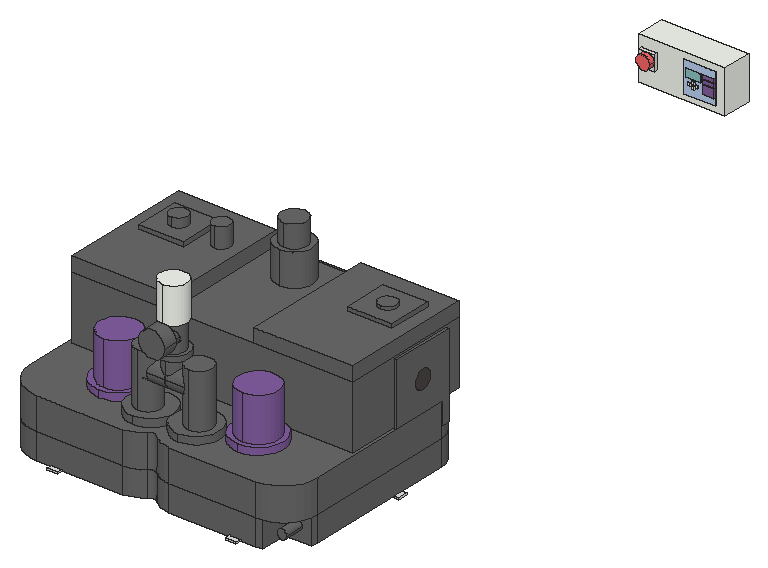
Revit family "11116", category Generic Models, Revit 2021
Family settings
  Can host rebar = No
  Round Connector Dimension = Use Diameter
  Part Type = Normal
  Work Plane-Based = No
  Always vertical = Yes
  Cut with Voids When Loaded = No
  Shared = Yes
  Room Calculation Point = No
Parameters (values of type "11116")
  SUPPLIER = "KESSEL"
  SA700ID49 = "Protection Class I"
  SA700ID48 = "no"
  SA700ID47 = "no"
  SA700ID46 = "yes"
  SA700ID37 = 16000 mm
  SA700ID34 = 47
  SA700ID33 = 3.2 W
  SA700ID32 = 122.50 kg
  SA700ID31 = 1
  SA700ID30 = 2
  SA700ID29 = "GLRD"
  SA700ID21 = 1600
  SA700ID10 = "yes"
  SA700ID08 = 400 V
  PROCUREWEBLINK = "https://p.caden.as/kessel/11116"
  PROCURELINK = "p.caden.as/kessel/11116"
  PROCUREDATALASTUPDATE = "2024-05-22T12:17:56.835255325+01:00"
  PREVIEW = "../../bilder/ksb_w_11116.png"
  PRC_SPECIFICATIONLINK = "https://ausschreiben.de/catalog/kessel/catalogItem/1fb07cb1-6211-4ead-bb83-64cffd5dcf3b"
  NN = "Lifting station Aqualift F XL"
  NBSYN = "$SA810ID03."
  NB = "11116"
  Model = "11116"
  Manufacturer = "KESSEL"
  MIdent = "{$CADENAS_DATA/23d-libs/kessel/kessel_vdi_import/4/entwaesserung/hebeanlage20aqualift20f20xl.prj},201 {STYP=ASS},{VTYP=3D},{NB=11116},{LINA=11116},{NN=Lifting station Aqualift F XL},{DATE=21.11.2022 10:48:11},{GEOMDATE=21.11.2022 10:48:11},{VERSION=},{LINEID=240},{WBVAR=LODLEVEL},{WBNUMERIC=LODLEVEL}  {NB=11116},{LINA=11116},{KT=DUMMY},{PREVIEW=../../bilder/ksb_w_11116.png},{SA700ID04=Hebeanlage Aqualift F XL 450 l, Duo, SPF 3000-S1, Schieber},{SA810ID06=04026092057834},{SA700ID34=47.00},{SA010ID03=201805},{SA810ID03=11116},{SA810ID10=Aqualift F XL 3000W-S1 Duo 450L m.S.KESSEL Aqualift F XL Hebeanlage für fäkalienhaltiges und fäkalienfreiesAbwasser. Zur Aufstellung in frostgeschützten Räumen.Duoanlage mit zwei Pumpen des Typs SPF 3000-S1 Sammelbehälter ausPolyethylen, mit verschraubter Reinigungsöffnung,Anschlussstutzen für Zulauf von oben DN100/150.Inklusive Tauchrohr zur pneumatischen Niveauerfassung,Entlüftungsanschluss DN 70 und Anschluss für eine Handmembranpumpe DN32.Behälter inklusive Haltewinkel zur Auftriebssicherung.Behältervolumen 450 Liter, max. Nutzvolumen bei Zulauf von oben ca. 250Liter.Zwei seitliche und drei rückseitige Anbohrflächen zur Montage weitererZuläufe bis DN 200 unter Verwendung von Durchgangsdichtungen.Inklusive KESSEL Schaltgerät Aqualift Comfort 400 V.Anwenderfreundliche Menüführung im mehrzeiligem Display. MitSelbstdiagnosesystem (SDS) und Erinnerungsfunktion für nächste Wartung.Anzeige der aktuellen Messwerte. Einfache Einstellung derfunktionsrelevanten Parameter, inklusive Betriebsstundenzähler undpotentialfreiem Kontakt. Optionale Weiterleitung von Alarm- undSammelstörmeldung über GSM Schnittstelle.Schaltgerät mit Volltextanzeige in sechs Sprachen.Abwasserpumpe(n) mit Freistromrad zur Förderung von fäkalienfreiem undfäkalienhaltigem Abwasser gemäß DIN EN 12050-1.Freier Kugeldurchgang mindestens 40 mm. Pumpe(n) überflutungssicher.Inklusive Rückflussverhinderer, mit Druckabgang aus Kunststoff DN 100.Inklusive Absperrschieber.Pumpe(n) Typ SPF 3000-S1Fördermenge: max. 47 m³/hFörderhöhe: max. 16 mNennleistung (P2): 2,7 KW je PumpeAufnahmeleistung (P1): 3,2 KW je PumpeBetriebsspannung: 400 V DSNennfrequenz: 50 HzNennstrom: 5,4 AAbsicherung: 3 x 16 A trägeSchutzart (Pumpe): IP68 3mWS/48hSchutzart (Schaltgerät): IP 65Bertiebsart: S1Kabellänge: 5 mAußenmaße Anlage mit 450 Liter Behälter (BxTxH): 1260 x 960 x 770 mmGewicht ca. 122,50 kg},{SA700ID37=16.00},{SA700ID33=3.20},{SA700ID08=400},{SA700ID30=2},{SA700ID32=122.50},{SA700ID49=Schutzklasse I},{SA700ID50=intern},{SA200ID03=6},{SA250ID03=vertikal},{SA260ID03=Trockenläuferpumpe},{SA350ID03=normalansaugend},{SA400ID03=E-Motor für Drehstrom},{SA460ID03=direkt},{SA500ID03=Kunststoff, Edelstahl},{SA700ID06=100},{SA700ID07=100},{SA700ID09=3/N/PE 400V},{SA700ID10=Ja},{SA700ID11=50},{SA700ID12=IP 68},{SA700ID13=F},{SA700ID15=40},{SA700ID21=1600.00},{SA700ID22=2.70},{SA700ID23=2845},{SA700ID24=2845},{SA700ID26=5.40},{SA700ID27=41.00},{SA700ID28=durchgehend},{SA700ID29=GLRD},{SA700ID31=1},{SA700ID46=ja},{SA700ID47=nein},{SA700ID48=nein},{SA110ID04=Hebeanlage Aqualift F XL},{SA300ID03=einstufig},{SA700ID44=10.00},{SA700ID45=10.00},{SA010ID04=KESSEL AG},{LODLEVEL=200},{LINK=https://www.kessel.de/info?han=11116},{SA970ID01=970},{SA970ID02=7207},{SA970ID03=11116},{SA970ID04=11002617},{SA970ID05=QUAD},{SA970ID06=-655.51},{SA970ID07=-836},{SA970ID08=0},{SA970ID09=1},{SA970ID10=0},{SA970ID11=0},{SA970ID12=0},{SA970ID13=1},{SA970ID14=0},{SA970ID15=1311.02},{SA970ID16=985.99},{SA970ID17=818.99},{LODLEVEL_=200,'Low'},{LODLEVEL_DEU=200,'Low'},{LINK_=https://www.kessel.de/info?han=11116},{LINK_DEU=https://www.kessel.de/info?han=11116},{LODLEVEL_3DB=11116_200},{DNIN1=100},{DNIN2=70},{DNIN4=10},{DNIN5=10},{DNIN6=50},{DNIN7=50},{DNIN8=50},{DNIN9=50},{DNOUT1=32},{DNOUT2=100},{DNOUT3=70},{ISD1=96},{ISD2=10},{ISDOUT1=40},{ISDOUT2=85},{ISDOUT3=70},{SA010ID01=010},{SA010ID02=4},{SA010ID06=www.kessel.de},{SA010ID07=www.kessel.de},{SA010ID12=20180713},{SA010ID13=DEU},{SA010ID14=DE},{SA100ID01=100},{SA100ID02=4},{SA100ID04=Entwässerung},{SA110ID01=110},{SA110ID02=6},{SA200ID01=200},{SA200ID02=6},{SA250ID01=250},{SA250ID02=2},{SA260ID01=260},{SA260ID02=2},{SA300ID01=300},{SA300ID02=1},{SA350ID01=350},{SA350ID02=1},{SA400ID01=400},{SA400ID02=2},{SA460ID01=460},{SA460ID02=1},{SA500ID01=500},{SA500ID02=1},{SA700ID01=700},{SA700ID02=81},{SA700ID10_=1},{SA700ID16=0},{SA700ID25=0},{SA700ID46_=1},{SA700ID47_=0},{SA700ID48_=0},{SA700ID49_=1},{SA700ID50_=2},{SA800ID01=800},{SA800ID02=45},{SA810ID01=810},{SA810ID02=81},{SA810ID04=11116},{SA810ID07=81},{SA810ID09=1},{SA810ID14=PCE},{SA810ID15=1},{SA810ID16=NMP},{SA960ID03=81},{SA960ID04=3L},{SA960ID08=https://www.kessel.de/info?han=11116},{SA010ID08=4026092000007},{SA100ID05=Hebeanlage},{SA110ID06=Hebeanlage}"
  LINK = "https://www.kessel.de/info?han=11116"
  LINA = "11116"
  Default Elevation = 0 mm
  CREATOR = "CADENAS GmbH"
  CATALOG = "KESSEL"
  BOMINFO = "LINA"
  ARTICLENO = "NB"
  4.810.00.9 Order quantity (multiplicator) = "1"
  4.810.00.7 Media- connection number = "81"
  4.810.00.6 GTIN number = "04026092057834"
  4.810.00.4 DATANORM number = "11116"
  4.810.00.3 Producer order number = "11116"
  4.710.03.7 Mass (net) = 122.50 kg
  4.710.03.6 Height = 806 mm
  4.710.03.5 Width = 1000 mm
  4.710.03.4 Length = 1260 mm
  4.710.03.3 Type of dimensions = "2"
  4.710.02.8 Area of application of wastewater pump = "1"
  4.710.02.7 Art des S2/S3-Betriebs = "50 %"
  4.710.02.6 Duty type = "S3"
  4.710.02.5 Cutting device = "0"
  4.710.02.4 Attached pump control = "1"
  4.710.02.3 Free passage = 40 mm
  4.710.01.6 Option to connect to building automation = "40"
  4.710.01.5 Load regulation = "0"
  4.710.01.4 Designation of closed-loop control = "250"
  4.710.01.3 Identifier for closed-loop control = "450"
  4.700.00.9 Voltage = 0
  4.700.00.8 Nominal connection size on suction side = "100"
  4.700.00.7 Nominal connection size on pressure side = "100"
  4.700.00.6 Type of connection = "100"
  4.700.00.4 Product indentification = "Hebeanlage Aqualift F XL 450 l, Duo, SPF 3000-S1, Schieber"
  4.700.00.28 Motor pump shaft = "durchgehend"
  4.700.00.27 Starting current = 41
  4.700.00.26 Maximum power consumption per pump / drive = 5.4
  4.700.00.25 Minimum speed at internal speed adjustment = 0
  4.700.00.24 Nominal speed / maximum speed n = 47.4167
  4.700.00.23 Nominal speed of motor = 47.4167
  4.700.00.22 Maximum shaft output (P2) per pump/drive = 2.7 W
  4.700.00.16 Maximum temperature of pumped medium = 0 °C
  4.700.00.15 Increased safety class = "40 °C"
  4.700.00.13 Type of protection = "F"
  4.700.00.12 Frequency = 0
  4.700.00.11 Stern-/Dreieck-Anlaufschaltung bei Dreiphasenanschluss oder Drehstrom = "50 Hz"
  4.700.00.10 Phase = "1"
  4.500.00.3 Variant / Variant type / Accessories-name = "Kunststoff, Edelstahl"
  4.460.00.3 Variant / Variant type / Accessories-name = "direkt"
  4.400.00.3 Variant / Variant type / Accessories-name = "E-Motor für Drehstrom"
  4.350.00.3 Variant / Variant type / Accessories-name = "normalansaugend"
  4.300.00.3 Variant / Variant type / Accessories-name = "einstufig"
  4.260.00.3 Variant / Variant type / Accessories-name = "Trockenläuferpumpe"
  4.250.00.3 Variant / Variant type / Accessories-name = "vertikal"
  4.200.00.3 Variant / Variant type / Accessories-name = "6"
  4.110.00.6 Product classification = "Hebeanlage"
  4.110.00.4 Product indentification = "Hebeanlage Aqualift F XL"
  4.100.00.5 Main groups of wares = "Hebeanlage"
  4.100.00.4 Product indentification = "Entwässerung"
  4.010.00.8 Producer ID number = "4026092000007"
  4.010.00.7 Comment = "www.kessel.de"
  4.010.00.6 Web address of the manufacturer = "www.kessel.de"
  4.010.00.4 Manufacturer name = "KESSEL AG"
  4.010.00.3 Date of issuance (month) of guideline = "201805"
  4.010.00.2 Sheet number of the guideline = "4"
  4.010.00.14 Kennungen der Projektländer, für die die Datei gültig ist = "DE"
  4.010.00.13 Sprache der Datei = "DEU"
  4.010.00.12 Stand des Herstellerkatalogs = "20180713"
Reference planes
  plane 1 "Center (Front/Back)": y = 0
  plane 2: z = 0
  plane 3 "Center (Left/Right)": x = 0
Dimensions and locks
  aligned and locked: level to plane 2
Nested families
  nested 1: "11116_content" at (0, 0, 0), type "11116_Content"
  nested 2: "11116_part1_X0Y0" at (1000, 1000, 1200), type "11116_PART1_X0Y0"
  nested 3: "11116_part2_X0Y0" at (0, 0, 0), type "11116_PART2_X0Y0"
Connectors
  electrical at (861, 933, 1201.5)
    settings: on nested 2, index 1, voltage 0 V, apparent load 0 VA, apparent load phase1 0 VA, apparent load phase2 0 VA, apparent load phase3 0 VA, power factor 1, load classification "Other", number of poles 1, system type 31, power factor state 1, is connector primary yes, connector utility no, sub classification motor no, connector description ""
  piping at (0, 0, 771), diameter 100
    settings: on nested 3, index 2, connector inside diameter 609.6 mm, connector length 0 mm, flow factor 0, pipe flow 0.0 L/s, pressure drop 0.0 Pa, fitting loss kfactor 0, connector angle 0.00°, fixture units 0, engagement length 0 mm, angle of deflection 0.00°, flow configuration 0, flow direction 1, fitting loss method 2, system type 8, joint type 0, gender type 0, connector reference index -1, connector utility 0, adjustable connector no, is connector primary yes, connector description ""
  piping at (631, -85, 392), diameter 70
    settings: on nested 3, index 3, connector inside diameter 609.6 mm, connector length 0 mm, flow factor 0, pipe flow 0.0 L/s, pressure drop 0.0 Pa, fitting loss kfactor 0, connector angle 0.00°, fixture units 0, engagement length 0 mm, angle of deflection 0.00°, flow configuration 0, flow direction 0, fitting loss method 2, system type 8, joint type 0, gender type 0, connector reference index -1, connector utility 0, adjustable connector no, is connector primary no, connector description ""
  piping at (358.7, 150.5, 392), diameter 70
    settings: on nested 3, index 4, connector inside diameter 609.6 mm, connector length 0 mm, flow factor 0, pipe flow 0.0 L/s, pressure drop 0.0 Pa, fitting loss kfactor 0, connector angle 0.00°, fixture units 0, engagement length 0 mm, angle of deflection 0.00°, flow configuration 0, flow direction 0, fitting loss method 2, system type 8, joint type 0, gender type 0, connector reference index -1, connector utility 0, adjustable connector no, is connector primary no, connector description ""
  piping at (0, 150.5, 392), diameter 70
    settings: on nested 3, index 5, connector inside diameter 609.6 mm, connector length 0 mm, flow factor 0, pipe flow 0.0 L/s, pressure drop 0.0 Pa, fitting loss kfactor 0, connector angle 0.00°, fixture units 0, engagement length 0 mm, angle of deflection 0.00°, flow configuration 0, flow direction 0, fitting loss method 2, system type 8, joint type 0, gender type 0, connector reference index -1, connector utility 0, adjustable connector no, is connector primary no, connector description ""
  piping at (-357.7, 150.5, 392), diameter 70
    settings: on nested 3, index 6, connector inside diameter 609.6 mm, connector length 0 mm, flow factor 0, pipe flow 0.0 L/s, pressure drop 0.0 Pa, fitting loss kfactor 0, connector angle 0.00°, fixture units 0, engagement length 0 mm, angle of deflection 0.00°, flow configuration 0, flow direction 0, fitting loss method 2, system type 8, joint type 0, gender type 0, connector reference index -1, connector utility 0, adjustable connector no, is connector primary no, connector description ""
  piping at (-630.5, -85, 392), diameter 70
    settings: on nested 3, index 7, connector inside diameter 609.6 mm, connector length 0 mm, flow factor 0, pipe flow 0.0 L/s, pressure drop 0.0 Pa, fitting loss kfactor 0, connector angle 0.00°, fixture units 0, engagement length 0 mm, angle of deflection 0.00°, flow configuration 0, flow direction 0, fitting loss method 2, system type 8, joint type 0, gender type 0, connector reference index -1, connector utility 0, adjustable connector no, is connector primary no, connector description ""
  piping at (-0.5, -778, 611), diameter 100
    settings: on nested 3, index 8, connector inside diameter 609.6 mm, connector length 0 mm, flow factor 0, pipe flow 0.0 L/s, pressure drop 0.0 Pa, fitting loss kfactor 0, connector angle 0.00°, fixture units 0, engagement length 0 mm, angle of deflection 0.00°, flow configuration 0, flow direction 2, fitting loss method 2, system type 7, joint type 0, gender type 0, connector reference index -1, connector utility 0, adjustable connector no, is connector primary no, connector description ""
  piping at (-270, -60, 681), diameter 70
    settings: on nested 3, index 9, connector inside diameter 609.6 mm, connector length 0 mm, flow factor 0, pipe flow 0.0 L/s, pressure drop 0.0 Pa, fitting loss kfactor 0, connector angle 0.00°, fixture units 0, engagement length 0 mm, angle of deflection 0.00°, flow configuration 0, flow direction 2, fitting loss method 2, system type 7, joint type 0, gender type 0, connector reference index -1, connector utility 0, adjustable connector no, is connector primary no, connector description ""
  piping at (565, -772.67, 61), diameter 32
    settings: on nested 3, index 10, connector inside diameter 609.6 mm, connector length 0 mm, flow factor 0, pipe flow 0.0 L/s, pressure drop 0.0 Pa, fitting loss kfactor 0, connector angle 0.00°, fixture units 0, engagement length 0 mm, angle of deflection 0.00°, flow configuration 0, flow direction 2, fitting loss method 2, system type 7, joint type 0, gender type 0, connector reference index -1, connector utility 0, adjustable connector no, is connector primary no, connector description ""
  electrical at (304.25, -577, 477)
    settings: on nested 3, index 11, voltage 0 V, apparent load 0 VA, apparent load phase1 0 VA, apparent load phase2 0 VA, apparent load phase3 0 VA, power factor 1, load classification "Other", number of poles 1, system type 31, power factor state 1, is connector primary no, connector utility no, sub classification motor no, connector description ""
  electrical at (-304.25, -577, 477)
    settings: on nested 3, index 12, voltage 0 V, apparent load 0 VA, apparent load phase1 0 VA, apparent load phase2 0 VA, apparent load phase3 0 VA, power factor 1, load classification "Other", number of poles 1, system type 31, power factor state 1, is connector primary no, connector utility no, sub classification motor no, connector description ""
  electrical at (-457.5, -59.5, 650)
    settings: on nested 3, index 13, voltage 0 V, apparent load 0 VA, apparent load phase1 0 VA, apparent load phase2 0 VA, apparent load phase3 0 VA, power factor 1, load classification "Other", number of poles 1, system type 31, power factor state 1, is connector primary no, connector utility no, sub classification motor no, connector description ""
Definition of nested family "11116_part1_X0Y0"
  Parameters (values of type "11116_PART1_X0Y0")
    SUPPLIER = "KESSEL"
    SA700ID49 = "Protection Class I"
    SA700ID48 = "no"
    SA700ID47 = "no"
    SA700ID46 = "yes"
    SA700ID37 = 16000 mm
    SA700ID34 = 47
    SA700ID33 = 3.2 W
    SA700ID32 = 122.50 kg
    SA700ID31 = 1
    SA700ID30 = 2
    SA700ID29 = "GLRD"
    SA700ID21 = 1600
    SA700ID10 = "yes"
    SA700ID08 = 400 V
    PREVIEW = "../../bilder/ksb_w_11116.png"
    NBSYN = "$SA810ID03._PART1"
    NB = "11116_PART1"
    Model = "11116_PART1"
    Manufacturer = "KESSEL"
    MIdent = "{$CADENAS_DATA/23d-libs/kessel/kessel_vdi_import/4/entwaesserung/hebeanlage20aqualift20f20xl.prj},221 {VTYP=3D},{NB=11116_PART1},{LINA=11116_PART1},{NN=Lifting station Aqualift F XL_PART1},{NOPRJ=TRUE},{DATE=21.11.2022 10:48:11},{GEOMDATE=21.11.2022 10:48:11},{VERSION=},{LINEID=240},{WBVAR=LODLEVEL},{WBNUMERIC=LODLEVEL}  {NB=11116_PART1},{LINA=11116_PART1},{KT=DUMMY},{PREVIEW=../../bilder/ksb_w_11116.png},{SA700ID04=Hebeanlage Aqualift F XL 450 l, Duo, SPF 3000-S1, Schieber},{SA810ID06=04026092057834},{SA700ID34=47.00},{SA010ID03=201805},{SA810ID03=11116},{SA810ID10=Aqualift F XL 3000W-S1 Duo 450L m.S.KESSEL Aqualift F XL Hebeanlage für fäkalienhaltiges und fäkalienfreiesAbwasser. Zur Aufstellung in frostgeschützten Räumen.Duoanlage mit zwei Pumpen des Typs SPF 3000-S1 Sammelbehälter ausPolyethylen, mit verschraubter Reinigungsöffnung,Anschlussstutzen für Zulauf von oben DN100/150.Inklusive Tauchrohr zur pneumatischen Niveauerfassung,Entlüftungsanschluss DN 70 und Anschluss für eine Handmembranpumpe DN32.Behälter inklusive Haltewinkel zur Auftriebssicherung.Behältervolumen 450 Liter, max. Nutzvolumen bei Zulauf von oben ca. 250Liter.Zwei seitliche und drei rückseitige Anbohrflächen zur Montage weitererZuläufe bis DN 200 unter Verwendung von Durchgangsdichtungen.Inklusive KESSEL Schaltgerät Aqualift Comfort 400 V.Anwenderfreundliche Menüführung im mehrzeiligem Display. MitSelbstdiagnosesystem (SDS) und Erinnerungsfunktion für nächste Wartung.Anzeige der aktuellen Messwerte. Einfache Einstellung derfunktionsrelevanten Parameter, inklusive Betriebsstundenzähler undpotentialfreiem Kontakt. Optionale Weiterleitung von Alarm- undSammelstörmeldung über GSM Schnittstelle.Schaltgerät mit Volltextanzeige in sechs Sprachen.Abwasserpumpe(n) mit Freistromrad zur Förderung von fäkalienfreiem undfäkalienhaltigem Abwasser gemäß DIN EN 12050-1.Freier Kugeldurchgang mindestens 40 mm. Pumpe(n) überflutungssicher.Inklusive Rückflussverhinderer, mit Druckabgang aus Kunststoff DN 100.Inklusive Absperrschieber.Pumpe(n) Typ SPF 3000-S1Fördermenge: max. 47 m³/hFörderhöhe: max. 16 mNennleistung (P2): 2,7 KW je PumpeAufnahmeleistung (P1): 3,2 KW je PumpeBetriebsspannung: 400 V DSNennfrequenz: 50 HzNennstrom: 5,4 AAbsicherung: 3 x 16 A trägeSchutzart (Pumpe): IP68 3mWS/48hSchutzart (Schaltgerät): IP 65Bertiebsart: S1Kabellänge: 5 mAußenmaße Anlage mit 450 Liter Behälter (BxTxH): 1260 x 960 x 770 mmGewicht ca. 122,50 kg},{SA700ID37=16.00},{SA700ID33=3.20},{SA700ID08=400},{SA700ID30=2},{SA700ID32=122.50},{SA700ID49=Schutzklasse I},{SA700ID50=intern},{SA200ID03=6},{SA250ID03=vertikal},{SA260ID03=Trockenläuferpumpe},{SA350ID03=normalansaugend},{SA400ID03=E-Motor für Drehstrom},{SA460ID03=direkt},{SA500ID03=Kunststoff, Edelstahl},{SA700ID06=100},{SA700ID07=100},{SA700ID09=3/N/PE 400V},{SA700ID10=Ja},{SA700ID11=50},{SA700ID12=IP 68},{SA700ID13=F},{SA700ID15=40},{SA700ID21=1600.00},{SA700ID22=2.70},{SA700ID23=2845},{SA700ID24=2845},{SA700ID26=5.40},{SA700ID27=41.00},{SA700ID28=durchgehend},{SA700ID29=GLRD},{SA700ID31=1},{SA700ID46=ja},{SA700ID47=nein},{SA700ID48=nein},{SA110ID04=Hebeanlage Aqualift F XL},{SA300ID03=einstufig},{SA700ID44=10.00},{SA700ID45=10.00},{SA010ID04=KESSEL AG},{LODLEVEL=200},{LINK=https://www.kessel.de/info?han=11116},{SA970ID01=970},{SA970ID02=7207},{SA970ID03=11116},{SA970ID04=11002617},{SA970ID05=QUAD},{SA970ID06=-655.51},{SA970ID07=-836},{SA970ID08=0},{SA970ID09=1},{SA970ID10=0},{SA970ID11=0},{SA970ID12=0},{SA970ID13=1},{SA970ID14=0},{SA970ID15=1311.02},{SA970ID16=985.99},{SA970ID17=818.99},{LODLEVEL_=200,'Low'},{LODLEVEL_DEU=200,'Low'},{LINK_=https://www.kessel.de/info?han=11116},{LINK_DEU=https://www.kessel.de/info?han=11116},{LODLEVEL_3DB=11116_200},{DNIN1=100},{DNIN2=70},{DNIN4=10},{DNIN5=10},{DNIN6=50},{DNIN7=50},{DNIN8=50},{DNIN9=50},{DNOUT1=32},{DNOUT2=100},{DNOUT3=70},{ISD1=96},{ISD2=10},{ISDOUT1=40},{ISDOUT2=85},{ISDOUT3=70},{SA010ID01=010},{SA010ID02=4},{SA010ID06=www.kessel.de},{SA010ID07=www.kessel.de},{SA010ID12=20180713},{SA010ID13=DEU},{SA010ID14=DE},{SA100ID01=100},{SA100ID02=4},{SA100ID04=Entwässerung},{SA110ID01=110},{SA110ID02=6},{SA200ID01=200},{SA200ID02=6},{SA250ID01=250},{SA250ID02=2},{SA260ID01=260},{SA260ID02=2},{SA300ID01=300},{SA300ID02=1},{SA350ID01=350},{SA350ID02=1},{SA400ID01=400},{SA400ID02=2},{SA460ID01=460},{SA460ID02=1},{SA500ID01=500},{SA500ID02=1},{SA700ID01=700},{SA700ID02=81},{SA700ID10_=1},{SA700ID16=0},{SA700ID25=0},{SA700ID46_=1},{SA700ID47_=0},{SA700ID48_=0},{SA700ID49_=1},{SA700ID50_=2},{SA800ID01=800},{SA800ID02=45},{SA810ID01=810},{SA810ID02=81},{SA810ID04=11116},{SA810ID07=81},{SA810ID09=1},{SA810ID14=PCE},{SA810ID15=1},{SA810ID16=NMP},{SA960ID03=81},{SA960ID04=3L},{SA960ID08=https://www.kessel.de/info?han=11116},{SA010ID08=4026092000007},{SA100ID05=Hebeanlage},{SA110ID06=Hebeanlage}"
    LINK = "https://www.kessel.de/info?han=11116"
    LINA = "11116_PART1"
    Default Elevation = 1219.2 mm
    CREATOR = "CADENAS GmbH"
    CATALOG = "KESSEL"
    BOMINFO = "LINA"
    ARTICLENO = "NB"
    4.810.00.9 Order quantity (multiplicator) = "1"
    4.810.00.7 Media- connection number = "81"
    4.810.00.6 GTIN number = "04026092057834"
    4.810.00.4 DATANORM number = "11116"
    4.810.00.3 Producer order number = "11116"
    4.710.03.7 Mass (net) = 122.50 kg
    4.710.03.6 Height = 806 mm
    4.710.03.5 Width = 1000 mm
    4.710.03.4 Length = 1260 mm
    4.710.03.3 Type of dimensions = "2"
    4.710.02.8 Area of application of wastewater pump = "1"
    4.710.02.7 Art des S2/S3-Betriebs = "50 %"
    4.710.02.6 Duty type = "S3"
    4.710.02.5 Cutting device = "0"
    4.710.02.4 Attached pump control = "1"
    4.710.02.3 Free passage = 40 mm
    4.710.01.6 Option to connect to building automation = "40"
    4.710.01.5 Load regulation = "0"
    4.710.01.4 Designation of closed-loop control = "250"
    4.710.01.3 Identifier for closed-loop control = "450"
    4.700.00.9 Voltage = 0
    4.700.00.8 Nominal connection size on suction side = "100"
    4.700.00.7 Nominal connection size on pressure side = "100"
    4.700.00.6 Type of connection = "100"
    4.700.00.4 Product indentification = "Hebeanlage Aqualift F XL 450 l, Duo, SPF 3000-S1, Schieber"
    4.700.00.28 Motor pump shaft = "durchgehend"
    4.700.00.27 Starting current = 41
    4.700.00.26 Maximum power consumption per pump / drive = 5.4
    4.700.00.25 Minimum speed at internal speed adjustment = 0
    4.700.00.24 Nominal speed / maximum speed n = 47.4167
    4.700.00.23 Nominal speed of motor = 47.4167
    4.700.00.22 Maximum shaft output (P2) per pump/drive = 2.7 W
    4.700.00.16 Maximum temperature of pumped medium = 0 °C
    4.700.00.15 Increased safety class = "40 °C"
    4.700.00.13 Type of protection = "F"
    4.700.00.12 Frequency = 0
    4.700.00.11 Stern-/Dreieck-Anlaufschaltung bei Dreiphasenanschluss oder Drehstrom = "50 Hz"
    4.700.00.10 Phase = "1"
    4.500.00.3 Variant / Variant type / Accessories-name = "Kunststoff, Edelstahl"
    4.460.00.3 Variant / Variant type / Accessories-name = "direkt"
    4.400.00.3 Variant / Variant type / Accessories-name = "E-Motor für Drehstrom"
    4.350.00.3 Variant / Variant type / Accessories-name = "normalansaugend"
    4.300.00.3 Variant / Variant type / Accessories-name = "einstufig"
    4.260.00.3 Variant / Variant type / Accessories-name = "Trockenläuferpumpe"
    4.250.00.3 Variant / Variant type / Accessories-name = "vertikal"
    4.200.00.3 Variant / Variant type / Accessories-name = "6"
    4.110.00.6 Product classification = "Hebeanlage"
    4.110.00.4 Product indentification = "Hebeanlage Aqualift F XL"
    4.100.00.5 Main groups of wares = "Hebeanlage"
    4.100.00.4 Product indentification = "Entwässerung"
    4.010.00.8 Producer ID number = "4026092000007"
    4.010.00.7 Comment = "www.kessel.de"
    4.010.00.6 Web address of the manufacturer = "www.kessel.de"
    4.010.00.4 Manufacturer name = "KESSEL AG"
    4.010.00.3 Date of issuance (month) of guideline = "201805"
    4.010.00.2 Sheet number of the guideline = "4"
    4.010.00.14 Kennungen der Projektländer, für die die Datei gültig ist = "DE"
    4.010.00.13 Sprache der Datei = "DEU"
    4.010.00.12 Stand des Herstellerkatalogs = "20180713"
  Reference planes
    plane 1 "Center (Front/Back)": y = 0
    plane 2: z = 0
    plane 3 "Center (Left/Right)": x = 0
  Dimensions and locks
    aligned and locked: level to plane 2
  Nested families
    nested 1: "11116_part1_content" at (0, 0, 0), type "11116_PART1_Content"
  Definition of nested family "11116_part1_content"
    Parameters (values of type "11116_PART1_Content")
      SUPPLIER = "KESSEL"
      SA700ID49 = "Protection Class I"
      SA700ID48 = "no"
      SA700ID47 = "no"
      SA700ID46 = "yes"
      SA700ID37 = 16000 mm
      SA700ID34 = 47
      SA700ID33 = 3.2 W
      SA700ID32 = 122.50 kg
      SA700ID31 = 1
      SA700ID30 = 2
      SA700ID29 = "GLRD"
      SA700ID21 = 1600
      SA700ID10 = "yes"
      SA700ID08 = 400 V
      PREVIEW = "../../bilder/ksb_w_11116.png"
      NBSYN = "$SA810ID03._PART1"
      NB = "11116_PART1"
      Model = "11116_PART1"
      Manufacturer = "KESSEL"
      LINK = "https://www.kessel.de/info?han=11116"
      LINA = "11116_PART1"
      Default Elevation = 1219.2 mm
      CREATOR = "CADENAS GmbH"
      CATALOG = "KESSEL"
      BOMINFO = "LINA"
      ARTICLENO = "NB"
      4.810.00.9 Order quantity (multiplicator) = "1"
      4.810.00.7 Media- connection number = "81"
      4.810.00.6 GTIN number = "04026092057834"
      4.810.00.4 DATANORM number = "11116"
      4.810.00.3 Producer order number = "11116"
      4.710.03.7 Mass (net) = 122.50 kg
      4.710.03.6 Height = 806 mm
      4.710.03.5 Width = 1000 mm
      4.710.03.4 Length = 1260 mm
      4.710.03.3 Type of dimensions = "2"
      4.710.02.8 Area of application of wastewater pump = "1"
      4.710.02.7 Art des S2/S3-Betriebs = "50 %"
      4.710.02.6 Duty type = "S3"
      4.710.02.5 Cutting device = "0"
      4.710.02.4 Attached pump control = "1"
      4.710.02.3 Free passage = 40 mm
      4.710.01.6 Option to connect to building automation = "40"
      4.710.01.5 Load regulation = "0"
      4.710.01.4 Designation of closed-loop control = "250"
      4.710.01.3 Identifier for closed-loop control = "450"
      4.700.00.9 Voltage = 0
      4.700.00.8 Nominal connection size on suction side = "100"
      4.700.00.7 Nominal connection size on pressure side = "100"
      4.700.00.6 Type of connection = "100"
      4.700.00.4 Product indentification = "Hebeanlage Aqualift F XL 450 l, Duo, SPF 3000-S1, Schieber"
      4.700.00.28 Motor pump shaft = "durchgehend"
      4.700.00.27 Starting current = 41
      4.700.00.26 Maximum power consumption per pump / drive = 5.4
      4.700.00.25 Minimum speed at internal speed adjustment = 0
      4.700.00.24 Nominal speed / maximum speed n = 47.4167
      4.700.00.23 Nominal speed of motor = 47.4167
      4.700.00.22 Maximum shaft output (P2) per pump/drive = 2.7 W
      4.700.00.16 Maximum temperature of pumped medium = 0 °C
      4.700.00.15 Increased safety class = "40 °C"
      4.700.00.13 Type of protection = "F"
      4.700.00.12 Frequency = 0
      4.700.00.11 Stern-/Dreieck-Anlaufschaltung bei Dreiphasenanschluss oder Drehstrom = "50 Hz"
      4.700.00.10 Phase = "1"
      4.500.00.3 Variant / Variant type / Accessories-name = "Kunststoff, Edelstahl"
      4.460.00.3 Variant / Variant type / Accessories-name = "direkt"
      4.400.00.3 Variant / Variant type / Accessories-name = "E-Motor für Drehstrom"
      4.350.00.3 Variant / Variant type / Accessories-name = "normalansaugend"
      4.300.00.3 Variant / Variant type / Accessories-name = "einstufig"
      4.260.00.3 Variant / Variant type / Accessories-name = "Trockenläuferpumpe"
      4.250.00.3 Variant / Variant type / Accessories-name = "vertikal"
      4.200.00.3 Variant / Variant type / Accessories-name = "6"
      4.110.00.6 Product classification = "Hebeanlage"
      4.110.00.4 Product indentification = "Hebeanlage Aqualift F XL"
      4.100.00.5 Main groups of wares = "Hebeanlage"
      4.100.00.4 Product indentification = "Entwässerung"
      4.010.00.8 Producer ID number = "4026092000007"
      4.010.00.7 Comment = "www.kessel.de"
      4.010.00.6 Web address of the manufacturer = "www.kessel.de"
      4.010.00.4 Manufacturer name = "KESSEL AG"
      4.010.00.3 Date of issuance (month) of guideline = "201805"
      4.010.00.2 Sheet number of the guideline = "4"
      4.010.00.14 Kennungen der Projektländer, für die die Datei gültig ist = "DE"
      4.010.00.13 Sprache der Datei = "DEU"
      4.010.00.12 Stand des Herstellerkatalogs = "20180713"
    Reference planes
      plane 1 "Center (Front/Back)": y = 0
      plane 2: z = 0
      plane 3 "Center (Left/Right)": x = 0
    Forms (mm)
      Extrusion 1, solid, detail levels medium+fine
        sketch origin (189.25, -1.75, 0.2) x (0, -1, 0) y (0, 0, 1)
          loop
            line (0, 187.8) -> (0, 0) -> (127.75, 0) -> (127.75, 187.8) -> (0, 187.8)
        from 0 to 378.5
      Extrusion 2, solid, detail levels medium+fine
        sketch origin (-4, -67, 0) x (0, 1, 0) y (-1, 0, 0)
          loop
            circle (0, 0) r 12.5
        from 0 to 1.5
      Extrusion 3, solid, detail levels medium+fine
        sketch origin (150.8, -129.5, 26.5) x (0, -1, 0) y (0, 0, 1)
          loop
            line (-1.2, 134.8) -> (-1.2, 0) -> (0.25, 0) -> (0.25, 134.8) -> (-1.2, 134.8)
        from 0 to 139.9
      Extrusion 4, solid, detail levels medium+fine
        sketch origin (72.55, -129.75, 66) x (0, -1, 0) y (0, 0, 1)
          loop
            line (-1, 12) -> (-1, 0) -> (0.5, 0) -> (0.5, 12) -> (-1, 12)
        from 0 to 12
      Extrusion 5, solid, detail levels medium+fine
        sketch origin (84.45, -129.75, 93.4) x (0, -1, 0) y (0, 0, 1)
          loop
            line (-1, 37) -> (-1, 0) -> (0.5, 0) -> (0.5, 37) -> (-1, 37)
        from 0 to 66
      Extrusion 6, solid, detail levels medium+fine
        sketch origin (55.3, -129.75, 74) x (0, -1, 0) y (0, 0, 1)
          loop
            line (-1, 12) -> (-1, 0) -> (0.5, 0) -> (0.5, 12) -> (-1, 12)
        from 0 to 12
      Extrusion 7, solid, detail levels medium+fine
        sketch origin (143.3, -129.75, 94.4) x (0, -1, 0) y (0, 0, 1)
          loop
            line (0, 16) -> (0, 0) -> (1.75, 0) -> (1.75, 16) -> (0, 16)
        from 0 to 51
      Extrusion 8, solid, detail levels medium+fine
        sketch origin (143.3, -129.75, 54.4) x (0, -1, 0) y (0, 0, 1)
          loop
            line (0, 36) -> (0, 0) -> (1.75, 0) -> (1.75, 36) -> (0, 36)
        from 0 to 51
      Extrusion 9, solid, detail levels medium+fine
        sketch origin (55.3, -129.75, 57.5) x (0, -1, 0) y (0, 0, 1)
          loop
            line (-1, 12) -> (-1, 0) -> (0.5, 0) -> (0.5, 12) -> (-1, 12)
        from 0 to 12
      Extrusion 10, solid, detail levels medium+fine
        sketch origin (143.3, -129.75, 114.4) x (0, -1, 0) y (0, 0, 1)
          loop
            line (0, 16) -> (0, 0) -> (1.75, 0) -> (1.75, 16) -> (0, 16)
        from 0 to 51
      Extrusion 11, solid, detail levels medium+fine
        sketch origin (38.05, -129.75, 66) x (0, -1, 0) y (0, 0, 1)
          loop
            line (-1, 12) -> (-1, 0) -> (0.5, 0) -> (0.5, 12) -> (-1, 12)
        from 0 to 12
      Extrusion 12, solid, detail levels medium+fine
        sketch origin (47, -72, 0) x (0, 1, 0) y (-1, 0, 0)
          loop
            circle (0, 0) r 8
        from 0 to 1.5
      Extrusion 13, solid, detail levels medium+fine
        sketch origin (47, -42, 0) x (0, 1, 0) y (-1, 0, 0)
          loop
            circle (0, 0) r 5.25
        from 0 to 1.5
      Extrusion 14, solid, detail levels medium+fine
        sketch origin (77, -72, 0) x (0, 1, 0) y (-1, 0, 0)
          loop
            circle (0, 0) r 8
        from 0 to 1.5
      Extrusion 15, solid, detail levels medium+fine
        sketch origin (-94, -67, 0) x (0, 1, 0) y (-1, 0, 0)
          loop
            circle (0, 0) r 12.5
        from 0 to 1.5
      Extrusion 16, solid, detail levels medium+fine
        sketch origin (92, -42, 0) x (0, 1, 0) y (-1, 0, 0)
          loop
            circle (0, 0) r 8
        from 0 to 1.5
      Extrusion 17, solid, detail levels medium+fine
        sketch origin (107, -72, 0) x (0, 1, 0) y (-1, 0, 0)
          loop
            circle (0, 0) r 8
        from 0 to 1.5
      Extrusion 18, solid, detail levels medium+fine
        sketch origin (122, -42, 0) x (0, 1, 0) y (-1, 0, 0)
          loop
            circle (0, 0) r 8
        from 0 to 1.5
      Extrusion 19, solid, detail levels medium+fine
        sketch origin (-107.7, -129.5, 76.9) x (0, -1, 0) y (0, 0, 1)
          loop
            line (0, 67) -> (0, 0) -> (14, 0) -> (14, 67) -> (0, 67)
        from 0 to 67
      Extrusion 20, solid, detail levels medium+fine
        sketch origin (-141.2, -143.5, 110.4) x (1, 0, 0) y (0, 0, 1)
          loop
            circle (0, 0) r 30
        from 0 to 22
      Extrusion 21, solid, detail levels medium+fine
        sketch origin (127, -15, 0) x (0, 1, 0) y (-1, 0, 0)
          loop
            circle (0, 0) r 6
        from 0 to 1.5
      Extrusion 22, solid, detail levels medium+fine
        sketch origin (137, -72, 0) x (0, 1, 0) y (-1, 0, 0)
          loop
            circle (0, 0) r 8
        from 0 to 1.5
      Extrusion 23, solid, detail levels medium+fine
        sketch origin (-139, -67, 0) x (0, 1, 0) y (-1, 0, 0)
          loop
            circle (0, 0) r 12.5
        from 0 to 1.5
      Extrusion 24, solid, detail levels medium+fine
        sketch origin (152, -42, 0) x (0, 1, 0) y (-1, 0, 0)
          loop
            circle (0, 0) r 8
        from 0 to 1.5
      Extrusion 25, solid, detail levels coarse
        sketch origin (0, -83.625, 0) x (1, 0, 0) y (0, 1, 0)
          loop
            line (-189.25, -81.875) -> (189.25, -81.875) -> (189.25, 81.875) -> (-189.25, 81.875) -> (-189.25, -81.875)
        from 0 to 188
    Dimensions and locks
      aligned and locked: level to plane 2
Definition of nested family "11116_part2_X0Y0"
  Parameters (values of type "11116_PART2_X0Y0")
    SUPPLIER = "KESSEL"
    SA700ID49 = "Protection Class I"
    SA700ID48 = "no"
    SA700ID47 = "no"
    SA700ID46 = "yes"
    SA700ID37 = 16000 mm
    SA700ID34 = 47
    SA700ID33 = 3.2 W
    SA700ID32 = 122.50 kg
    SA700ID31 = 1
    SA700ID30 = 2
    SA700ID29 = "GLRD"
    SA700ID21 = 1600
    SA700ID10 = "yes"
    SA700ID08 = 400 V
    PREVIEW = "../../bilder/ksb_w_11116.png"
    NBSYN = "$SA810ID03._PART2"
    NB = "11116_PART2"
    Model = "11116_PART2"
    Manufacturer = "KESSEL"
    MIdent = "{$CADENAS_DATA/23d-libs/kessel/kessel_vdi_import/4/entwaesserung/hebeanlage20aqualift20f20xl.prj},221 {VTYP=3D},{NB=11116_PART2},{LINA=11116_PART2},{NN=Lifting station Aqualift F XL_PART2},{NOPRJ=TRUE},{DATE=21.11.2022 10:48:11},{GEOMDATE=21.11.2022 10:48:11},{VERSION=},{LINEID=240},{WBVAR=LODLEVEL},{WBNUMERIC=LODLEVEL}  {NB=11116_PART2},{LINA=11116_PART2},{KT=DUMMY},{PREVIEW=../../bilder/ksb_w_11116.png},{SA700ID04=Hebeanlage Aqualift F XL 450 l, Duo, SPF 3000-S1, Schieber},{SA810ID06=04026092057834},{SA700ID34=47.00},{SA010ID03=201805},{SA810ID03=11116},{SA810ID10=Aqualift F XL 3000W-S1 Duo 450L m.S.KESSEL Aqualift F XL Hebeanlage für fäkalienhaltiges und fäkalienfreiesAbwasser. Zur Aufstellung in frostgeschützten Räumen.Duoanlage mit zwei Pumpen des Typs SPF 3000-S1 Sammelbehälter ausPolyethylen, mit verschraubter Reinigungsöffnung,Anschlussstutzen für Zulauf von oben DN100/150.Inklusive Tauchrohr zur pneumatischen Niveauerfassung,Entlüftungsanschluss DN 70 und Anschluss für eine Handmembranpumpe DN32.Behälter inklusive Haltewinkel zur Auftriebssicherung.Behältervolumen 450 Liter, max. Nutzvolumen bei Zulauf von oben ca. 250Liter.Zwei seitliche und drei rückseitige Anbohrflächen zur Montage weitererZuläufe bis DN 200 unter Verwendung von Durchgangsdichtungen.Inklusive KESSEL Schaltgerät Aqualift Comfort 400 V.Anwenderfreundliche Menüführung im mehrzeiligem Display. MitSelbstdiagnosesystem (SDS) und Erinnerungsfunktion für nächste Wartung.Anzeige der aktuellen Messwerte. Einfache Einstellung derfunktionsrelevanten Parameter, inklusive Betriebsstundenzähler undpotentialfreiem Kontakt. Optionale Weiterleitung von Alarm- undSammelstörmeldung über GSM Schnittstelle.Schaltgerät mit Volltextanzeige in sechs Sprachen.Abwasserpumpe(n) mit Freistromrad zur Förderung von fäkalienfreiem undfäkalienhaltigem Abwasser gemäß DIN EN 12050-1.Freier Kugeldurchgang mindestens 40 mm. Pumpe(n) überflutungssicher.Inklusive Rückflussverhinderer, mit Druckabgang aus Kunststoff DN 100.Inklusive Absperrschieber.Pumpe(n) Typ SPF 3000-S1Fördermenge: max. 47 m³/hFörderhöhe: max. 16 mNennleistung (P2): 2,7 KW je PumpeAufnahmeleistung (P1): 3,2 KW je PumpeBetriebsspannung: 400 V DSNennfrequenz: 50 HzNennstrom: 5,4 AAbsicherung: 3 x 16 A trägeSchutzart (Pumpe): IP68 3mWS/48hSchutzart (Schaltgerät): IP 65Bertiebsart: S1Kabellänge: 5 mAußenmaße Anlage mit 450 Liter Behälter (BxTxH): 1260 x 960 x 770 mmGewicht ca. 122,50 kg},{SA700ID37=16.00},{SA700ID33=3.20},{SA700ID08=400},{SA700ID30=2},{SA700ID32=122.50},{SA700ID49=Schutzklasse I},{SA700ID50=intern},{SA200ID03=6},{SA250ID03=vertikal},{SA260ID03=Trockenläuferpumpe},{SA350ID03=normalansaugend},{SA400ID03=E-Motor für Drehstrom},{SA460ID03=direkt},{SA500ID03=Kunststoff, Edelstahl},{SA700ID06=100},{SA700ID07=100},{SA700ID09=3/N/PE 400V},{SA700ID10=Ja},{SA700ID11=50},{SA700ID12=IP 68},{SA700ID13=F},{SA700ID15=40},{SA700ID21=1600.00},{SA700ID22=2.70},{SA700ID23=2845},{SA700ID24=2845},{SA700ID26=5.40},{SA700ID27=41.00},{SA700ID28=durchgehend},{SA700ID29=GLRD},{SA700ID31=1},{SA700ID46=ja},{SA700ID47=nein},{SA700ID48=nein},{SA110ID04=Hebeanlage Aqualift F XL},{SA300ID03=einstufig},{SA700ID44=10.00},{SA700ID45=10.00},{SA010ID04=KESSEL AG},{LODLEVEL=200},{LINK=https://www.kessel.de/info?han=11116},{SA970ID01=970},{SA970ID02=7207},{SA970ID03=11116},{SA970ID04=11002617},{SA970ID05=QUAD},{SA970ID06=-655.51},{SA970ID07=-836},{SA970ID08=0},{SA970ID09=1},{SA970ID10=0},{SA970ID11=0},{SA970ID12=0},{SA970ID13=1},{SA970ID14=0},{SA970ID15=1311.02},{SA970ID16=985.99},{SA970ID17=818.99},{LODLEVEL_=200,'Low'},{LODLEVEL_DEU=200,'Low'},{LINK_=https://www.kessel.de/info?han=11116},{LINK_DEU=https://www.kessel.de/info?han=11116},{LODLEVEL_3DB=11116_200},{DNIN1=100},{DNIN2=70},{DNIN4=10},{DNIN5=10},{DNIN6=50},{DNIN7=50},{DNIN8=50},{DNIN9=50},{DNOUT1=32},{DNOUT2=100},{DNOUT3=70},{ISD1=96},{ISD2=10},{ISDOUT1=40},{ISDOUT2=85},{ISDOUT3=70},{SA010ID01=010},{SA010ID02=4},{SA010ID06=www.kessel.de},{SA010ID07=www.kessel.de},{SA010ID12=20180713},{SA010ID13=DEU},{SA010ID14=DE},{SA100ID01=100},{SA100ID02=4},{SA100ID04=Entwässerung},{SA110ID01=110},{SA110ID02=6},{SA200ID01=200},{SA200ID02=6},{SA250ID01=250},{SA250ID02=2},{SA260ID01=260},{SA260ID02=2},{SA300ID01=300},{SA300ID02=1},{SA350ID01=350},{SA350ID02=1},{SA400ID01=400},{SA400ID02=2},{SA460ID01=460},{SA460ID02=1},{SA500ID01=500},{SA500ID02=1},{SA700ID01=700},{SA700ID02=81},{SA700ID10_=1},{SA700ID16=0},{SA700ID25=0},{SA700ID46_=1},{SA700ID47_=0},{SA700ID48_=0},{SA700ID49_=1},{SA700ID50_=2},{SA800ID01=800},{SA800ID02=45},{SA810ID01=810},{SA810ID02=81},{SA810ID04=11116},{SA810ID07=81},{SA810ID09=1},{SA810ID14=PCE},{SA810ID15=1},{SA810ID16=NMP},{SA960ID03=81},{SA960ID04=3L},{SA960ID08=https://www.kessel.de/info?han=11116},{SA010ID08=4026092000007},{SA100ID05=Hebeanlage},{SA110ID06=Hebeanlage}"
    LINK = "https://www.kessel.de/info?han=11116"
    LINA = "11116_PART2"
    Default Elevation = 1219.2 mm
    CREATOR = "CADENAS GmbH"
    CATALOG = "KESSEL"
    BOMINFO = "LINA"
    ARTICLENO = "NB"
    4.810.00.9 Order quantity (multiplicator) = "1"
    4.810.00.7 Media- connection number = "81"
    4.810.00.6 GTIN number = "04026092057834"
    4.810.00.4 DATANORM number = "11116"
    4.810.00.3 Producer order number = "11116"
    4.710.03.7 Mass (net) = 122.50 kg
    4.710.03.6 Height = 806 mm
    4.710.03.5 Width = 1000 mm
    4.710.03.4 Length = 1260 mm
    4.710.03.3 Type of dimensions = "2"
    4.710.02.8 Area of application of wastewater pump = "1"
    4.710.02.7 Art des S2/S3-Betriebs = "50 %"
    4.710.02.6 Duty type = "S3"
    4.710.02.5 Cutting device = "0"
    4.710.02.4 Attached pump control = "1"
    4.710.02.3 Free passage = 40 mm
    4.710.01.6 Option to connect to building automation = "40"
    4.710.01.5 Load regulation = "0"
    4.710.01.4 Designation of closed-loop control = "250"
    4.710.01.3 Identifier for closed-loop control = "450"
    4.700.00.9 Voltage = 0
    4.700.00.8 Nominal connection size on suction side = "100"
    4.700.00.7 Nominal connection size on pressure side = "100"
    4.700.00.6 Type of connection = "100"
    4.700.00.4 Product indentification = "Hebeanlage Aqualift F XL 450 l, Duo, SPF 3000-S1, Schieber"
    4.700.00.28 Motor pump shaft = "durchgehend"
    4.700.00.27 Starting current = 41
    4.700.00.26 Maximum power consumption per pump / drive = 5.4
    4.700.00.25 Minimum speed at internal speed adjustment = 0
    4.700.00.24 Nominal speed / maximum speed n = 47.4167
    4.700.00.23 Nominal speed of motor = 47.4167
    4.700.00.22 Maximum shaft output (P2) per pump/drive = 2.7 W
    4.700.00.16 Maximum temperature of pumped medium = 0 °C
    4.700.00.15 Increased safety class = "40 °C"
    4.700.00.13 Type of protection = "F"
    4.700.00.12 Frequency = 0
    4.700.00.11 Stern-/Dreieck-Anlaufschaltung bei Dreiphasenanschluss oder Drehstrom = "50 Hz"
    4.700.00.10 Phase = "1"
    4.500.00.3 Variant / Variant type / Accessories-name = "Kunststoff, Edelstahl"
    4.460.00.3 Variant / Variant type / Accessories-name = "direkt"
    4.400.00.3 Variant / Variant type / Accessories-name = "E-Motor für Drehstrom"
    4.350.00.3 Variant / Variant type / Accessories-name = "normalansaugend"
    4.300.00.3 Variant / Variant type / Accessories-name = "einstufig"
    4.260.00.3 Variant / Variant type / Accessories-name = "Trockenläuferpumpe"
    4.250.00.3 Variant / Variant type / Accessories-name = "vertikal"
    4.200.00.3 Variant / Variant type / Accessories-name = "6"
    4.110.00.6 Product classification = "Hebeanlage"
    4.110.00.4 Product indentification = "Hebeanlage Aqualift F XL"
    4.100.00.5 Main groups of wares = "Hebeanlage"
    4.100.00.4 Product indentification = "Entwässerung"
    4.010.00.8 Producer ID number = "4026092000007"
    4.010.00.7 Comment = "www.kessel.de"
    4.010.00.6 Web address of the manufacturer = "www.kessel.de"
    4.010.00.4 Manufacturer name = "KESSEL AG"
    4.010.00.3 Date of issuance (month) of guideline = "201805"
    4.010.00.2 Sheet number of the guideline = "4"
    4.010.00.14 Kennungen der Projektländer, für die die Datei gültig ist = "DE"
    4.010.00.13 Sprache der Datei = "DEU"
    4.010.00.12 Stand des Herstellerkatalogs = "20180713"
  Reference planes
    plane 1 "Center (Front/Back)": y = 0
    plane 2: z = 0
    plane 3 "Center (Left/Right)": x = 0
  Dimensions and locks
    aligned and locked: level to plane 2
  Nested families
    nested 1: "11116_part2_content" at (0, 0, 0), type "11116_PART2_Content"
  Definition of nested family "11116_part2_content"
    Parameters (values of type "11116_PART2_Content")
      SUPPLIER = "KESSEL"
      SA700ID49 = "Protection Class I"
      SA700ID48 = "no"
      SA700ID47 = "no"
      SA700ID46 = "yes"
      SA700ID37 = 16000 mm
      SA700ID34 = 47
      SA700ID33 = 3.2 W
      SA700ID32 = 122.50 kg
      SA700ID31 = 1
      SA700ID30 = 2
      SA700ID29 = "GLRD"
      SA700ID21 = 1600
      SA700ID10 = "yes"
      SA700ID08 = 400 V
      PREVIEW = "../../bilder/ksb_w_11116.png"
      NBSYN = "$SA810ID03._PART2"
      NB = "11116_PART2"
      Model = "11116_PART2"
      Manufacturer = "KESSEL"
      LINK = "https://www.kessel.de/info?han=11116"
      LINA = "11116_PART2"
      Default Elevation = 1219.2 mm
      CREATOR = "CADENAS GmbH"
      CATALOG = "KESSEL"
      BOMINFO = "LINA"
      ARTICLENO = "NB"
      4.810.00.9 Order quantity (multiplicator) = "1"
      4.810.00.7 Media- connection number = "81"
      4.810.00.6 GTIN number = "04026092057834"
      4.810.00.4 DATANORM number = "11116"
      4.810.00.3 Producer order number = "11116"
      4.710.03.7 Mass (net) = 122.50 kg
      4.710.03.6 Height = 806 mm
      4.710.03.5 Width = 1000 mm
      4.710.03.4 Length = 1260 mm
      4.710.03.3 Type of dimensions = "2"
      4.710.02.8 Area of application of wastewater pump = "1"
      4.710.02.7 Art des S2/S3-Betriebs = "50 %"
      4.710.02.6 Duty type = "S3"
      4.710.02.5 Cutting device = "0"
      4.710.02.4 Attached pump control = "1"
      4.710.02.3 Free passage = 40 mm
      4.710.01.6 Option to connect to building automation = "40"
      4.710.01.5 Load regulation = "0"
      4.710.01.4 Designation of closed-loop control = "250"
      4.710.01.3 Identifier for closed-loop control = "450"
      4.700.00.9 Voltage = 0
      4.700.00.8 Nominal connection size on suction side = "100"
      4.700.00.7 Nominal connection size on pressure side = "100"
      4.700.00.6 Type of connection = "100"
      4.700.00.4 Product indentification = "Hebeanlage Aqualift F XL 450 l, Duo, SPF 3000-S1, Schieber"
      4.700.00.28 Motor pump shaft = "durchgehend"
      4.700.00.27 Starting current = 41
      4.700.00.26 Maximum power consumption per pump / drive = 5.4
      4.700.00.25 Minimum speed at internal speed adjustment = 0
      4.700.00.24 Nominal speed / maximum speed n = 47.4167
      4.700.00.23 Nominal speed of motor = 47.4167
      4.700.00.22 Maximum shaft output (P2) per pump/drive = 2.7 W
      4.700.00.16 Maximum temperature of pumped medium = 0 °C
      4.700.00.15 Increased safety class = "40 °C"
      4.700.00.13 Type of protection = "F"
      4.700.00.12 Frequency = 0
      4.700.00.11 Stern-/Dreieck-Anlaufschaltung bei Dreiphasenanschluss oder Drehstrom = "50 Hz"
      4.700.00.10 Phase = "1"
      4.500.00.3 Variant / Variant type / Accessories-name = "Kunststoff, Edelstahl"
      4.460.00.3 Variant / Variant type / Accessories-name = "direkt"
      4.400.00.3 Variant / Variant type / Accessories-name = "E-Motor für Drehstrom"
      4.350.00.3 Variant / Variant type / Accessories-name = "normalansaugend"
      4.300.00.3 Variant / Variant type / Accessories-name = "einstufig"
      4.260.00.3 Variant / Variant type / Accessories-name = "Trockenläuferpumpe"
      4.250.00.3 Variant / Variant type / Accessories-name = "vertikal"
      4.200.00.3 Variant / Variant type / Accessories-name = "6"
      4.110.00.6 Product classification = "Hebeanlage"
      4.110.00.4 Product indentification = "Hebeanlage Aqualift F XL"
      4.100.00.5 Main groups of wares = "Hebeanlage"
      4.100.00.4 Product indentification = "Entwässerung"
      4.010.00.8 Producer ID number = "4026092000007"
      4.010.00.7 Comment = "www.kessel.de"
      4.010.00.6 Web address of the manufacturer = "www.kessel.de"
      4.010.00.4 Manufacturer name = "KESSEL AG"
      4.010.00.3 Date of issuance (month) of guideline = "201805"
      4.010.00.2 Sheet number of the guideline = "4"
      4.010.00.14 Kennungen der Projektländer, für die die Datei gültig ist = "DE"
      4.010.00.13 Sprache der Datei = "DEU"
      4.010.00.12 Stand des Herstellerkatalogs = "20180713"
    Reference planes
      plane 1 "Center (Front/Back)": y = 0
      plane 2: z = 0
      plane 3 "Center (Left/Right)": x = 0
    Forms (mm)
      Extrusion 1, solid, detail levels medium+fine
        sketch origin (-0.5, -660, 112.5) x (1, 0, 0) y (0, 1, 0)
          loop
            arc (-629.5, 0) -> (-585.566, -106.066) -> (-479.5, -150) r 150
            line (-479.5, -150) -> (-99.995, -150)
            arc (-99.995, -150) -> (-57.127, -141.301) -> (-21.04, -116.58) r 109.976
            arc (-21.04, -116.58) -> (0.5, -107.47) -> (22.04, -116.58) r 30.02
            arc (22.04, -116.58) -> (58.127, -141.301) -> (100.995, -150) r 109.976
            line (100.995, -150) -> (480.5, -150)
            arc (480.5, -150) -> (586.566, -106.066) -> (630.5, 0) r 150
            line (630.5, 0) -> (630.5, 677.961)
            arc (630.5, 677.961) -> (605.35, 744.274) -> (542.55, 777.23) r 99.997
            line (542.55, 777.23) -> (499.4, 782.28) -> (499.4, 800) -> (-498.4, 800) -> (-498.4, 782.28) -> (-541.55, 777.23)
            arc (-541.55, 777.23) -> (-604.35, 744.274) -> (-629.5, 677.961) r 99.997
            line (-629.5, 677.961) -> (-629.5, 0)
        from 0 to 143.5
      Extrusion 2, solid, detail levels medium+fine
        sketch origin (0, -660, 1) x (1, 0, 0) y (0, 1, 0)
          loop
            arc (-630, 0) -> (-586.066, -106.066) -> (-480, -150) r 150
            line (-480, -150) -> (-100.495, -150)
            arc (-100.495, -150) -> (-57.627, -141.301) -> (-21.54, -116.58) r 109.976
            arc (-21.54, -116.58) -> (0, -107.47) -> (21.54, -116.58) r 30.02
            line (21.54, -116.58) -> (23.04, -118.1)
            arc (23.04, -118.1) -> (58.613, -141.713) -> (100.498, -150) r 109.99
            line (100.498, -150) -> (480, -150)
            arc (480, -150) -> (494.569, -149.291) -> (509, -147.17) r 150.003
            line (509, -147.17) -> (509, -29.17) -> (627.14, -29.17)
            arc (627.14, -29.17) -> (629.282, -14.655) -> (630, 0) r 150.373
            line (630, 0) -> (630, 677.961)
            arc (630, 677.961) -> (604.85, 744.274) -> (542.05, 777.23) r 99.997
            line (542.05, 777.23) -> (498.9, 782.28) -> (498.9, 800) -> (-498.9, 800) -> (-498.9, 782.28) -> (-542.05, 777.23)
            arc (-542.05, 777.23) -> (-604.85, 744.274) -> (-630, 677.961) r 99.997
            line (-630, 677.961) -> (-630, 0)
        from 0 to 111.5
      Extrusion 3, solid, detail levels medium+fine
        sketch origin (-614.5, -448.4, 256) x (0, 1, 0) y (0, 0, 1)
          loop
            line (0, 279) -> (0, 0) -> (582.4, 0) -> (582.4, 279) -> (0, 279)
        from 0 to 1229
      Extrusion 4, solid, detail levels medium+fine
        sketch origin (0, 0, 535) x (0, 1, 0) y (-1, 0, 0)
          loop
            circle (0, 0) r 80
        from 0 to 140
      Extrusion 5, solid, detail levels medium+fine
        sketch origin (0, 0, 675) x (0, 1, 0) y (-1, 0, 0)
          loop
            circle (0, 0) r 55
        from 0 to 96
      Extrusion 6, solid, detail levels medium+fine
        sketch origin (-141.375, 134, 161) x (0, 1, 0) y (0, 0, 1)
          loop
            line (0, 366.75) -> (0, 0) -> (16, 0) -> (16, 366.75) -> (0, 366.75)
        from 0 to 281.75
      Extrusion 7, solid, detail levels medium+fine
        sketch origin (0, 149, 392) x (1, 0, 0) y (0, 0, -1)
          loop
            circle (0, 0) r 40
        from 0 to 1.5
      Extrusion 8, solid, detail levels medium+fine
        sketch origin (99.5, -660, 256) x (0, 1, 0) y (-1, 0, 0)
          loop
            circle (0, 0) r 100
        from 0 to 32
      Extrusion 9, solid, detail levels medium+fine
        sketch origin (111.5, -660, 288) x (0, 1, 0) y (-1, 0, 0)
          loop
            circle (0, 0) r 56
        from 0 to 234
      Extrusion 10, solid, detail levels medium+fine
        sketch origin (-0.5, -660, 440) x (0, 1, 0) y (0, 0, 1)
          loop
            circle (0, 0) r 48.5
        from 0 to 112
      Extrusion 11, solid, detail levels medium+fine
        sketch origin (-0.5, -660, 440) x (0, 1, 0) y (-1, 0, 0)
          loop
            circle (0, 0) r 45
        from 0 to 87
      Extrusion 12, solid, detail levels medium+fine
        sketch origin (-0.5, -660, 527) x (0, 1, 0) y (-1, 0, 0)
          loop
            circle (0, 0) r 67
        from 0 to 21
      Extrusion 13, solid, detail levels medium+fine
        sketch origin (-0.5, -660, 548) x (0, 1, 0) y (-1, 0, 0)
          loop
            circle (0, 0) r 48
        from 0 to 115.8
      Extrusion 14, solid, detail levels medium+fine
        sketch origin (-0.5, -660, 611) x (1, 0, 0) y (0, 0, 1)
          loop
            circle (0, 0) r 43
        from 0 to 58
      Extrusion 15, solid, detail levels medium+fine
        sketch origin (-0.5, -718, 611) x (1, 0, 0) y (0, 0, 1)
          loop
            circle (0, 0) r 57
        from 0 to 60
      Extrusion 16, solid, detail levels medium+fine
        sketch origin (-0.5, -660, 440) x (0, -1, 0) y (0, 0, 1)
          loop
            circle (0, 0) r 48.5
        from 0 to 112
      Extrusion 17, solid, detail levels medium+fine
        sketch origin (-112.5, -660, 288) x (0, -1, 0) y (1, 0, 0)
          loop
            circle (0, 0) r 56
        from 0 to 234
      Extrusion 18, solid, detail levels medium+fine
        sketch origin (-100.5, -660, 255) x (0, -1, 0) y (1, 0, 0)
          loop
            circle (0, 0) r 100.1
        from 0 to 33
      Extrusion 19, solid, detail levels medium+fine
        sketch origin (-0.5, -660, 663.8) x (0, 1, 0) y (-1, 0, 0)
          loop
            circle (0, 0) r 58.5
        from 0 to 155.2
      Extrusion 20, solid, detail levels medium+fine
        sketch origin (-304.25, -577, 256) x (0, 1, 0) y (-1, 0, 0)
          loop
            circle (0, 0) r 110
        from 0 to 30
      Extrusion 21, solid, detail levels medium+fine
        sketch origin (-304.25, -577, 286) x (0, 1, 0) y (-1, 0, 0)
          loop
            circle (0, 0) r 86
        from 0 to 191
      Extrusion 22, solid, detail levels medium+fine
        sketch origin (304.25, -577, 256) x (0, 1, 0) y (-1, 0, 0)
          loop
            circle (0, 0) r 110
        from 0 to 30
      Extrusion 23, solid, detail levels medium+fine
        sketch origin (304.25, -577, 286) x (0, 1, 0) y (-1, 0, 0)
          loop
            circle (0, 0) r 86
        from 0 to 191
      Extrusion 24, solid, detail levels medium+fine
        sketch origin (-614.5, -448.4, 535) x (0, 1, 0) y (0, 0, 1)
          loop
            line (0, 61) -> (0, 0) -> (582.4, 0) -> (582.4, 61) -> (0, 61)
        from 0 to 432
      Extrusion 25, solid, detail levels medium+fine
        sketch origin (-555, -157, 596) x (0, 1, 0) y (0, 0, 1)
          loop
            line (0, 17) -> (0, 0) -> (195, 0) -> (195, 17) -> (0, 17)
        from 0 to 195
      Extrusion 26, solid, detail levels medium+fine
        sketch origin (-457.5, -59.5, 613) x (0, 1, 0) y (-1, 0, 0)
          loop
            circle (0, 0) r 38
        from 0 to 37
      Extrusion 27, solid, detail levels medium+fine
        sketch origin (-270, -60, 596) x (0, 1, 0) y (-1, 0, 0)
          loop
            circle (0, 0) r 37.5
        from 0 to 85
      Extrusion 28, solid, detail levels medium+fine
        sketch origin (182.5, -448.4, 535) x (0, 1, 0) y (0, 0, 1)
          loop
            line (0, 61) -> (0, 0) -> (582.4, 0) -> (582.4, 61) -> (0, 61)
        from 0 to 432
      Extrusion 29, solid, detail levels medium+fine
        sketch origin (359, -157, 596) x (0, 1, 0) y (0, 0, 1)
          loop
            line (0, 17) -> (0, 0) -> (195, 0) -> (195, 17) -> (0, 17)
        from 0 to 195
      Extrusion 30, solid, detail levels medium+fine
        sketch origin (456.5, -59.5, 613) x (0, 1, 0) y (-1, 0, 0)
          loop
            circle (0, 0) r 38
        from 0 to 10
      Extrusion 31, solid, detail levels medium+fine
        sketch origin (-498.9, 134, 161) x (0, 1, 0) y (0, 0, 1)
          loop
            line (0, 366.75) -> (0, 0) -> (16, 0) -> (16, 366.75) -> (0, 366.75)
        from 0 to 281.75
      Extrusion 32, solid, detail levels medium+fine
        sketch origin (-357.7, 149, 392) x (1, 0, 0) y (0, 0, -1)
          loop
            circle (0, 0) r 40
        from 0 to 1.5
      Extrusion 33, solid, detail levels medium+fine
        sketch origin (217.15, 134, 161) x (0, 1, 0) y (0, 0, 1)
          loop
            line (0, 366.75) -> (0, 0) -> (16, 0) -> (16, 366.75) -> (0, 366.75)
        from 0 to 281.75
      Extrusion 34, solid, detail levels medium+fine
        sketch origin (358.7, 149, 392) x (1, 0, 0) y (0, 0, -1)
          loop
            circle (0, 0) r 40
        from 0 to 1.5
      Extrusion 35, solid, detail levels medium+fine
        sketch origin (412.5, -810, 0) x (0, -1, 0) y (0, 0, 1)
          loop
            line (0, 5) -> (0, 0) -> (26, 0) -> (26, 5) -> (0, 5)
        from 0 to 45
      Extrusion 36, solid, detail levels medium+fine
        sketch origin (-368.5, -810, 0) x (0, -1, 0) y (0, 0, 1)
          loop
            line (0, 5) -> (0, 0) -> (26, 0) -> (26, 5) -> (0, 5)
        from 0 to 45
      Extrusion 37, solid, detail levels medium+fine
        sketch origin (-614.5, 55.875, 161) x (0, -1, 0) y (0, 0, 1)
          loop
            line (0, 366.75) -> (0, 0) -> (281.75, 0) -> (281.75, 366.75) -> (0, 366.75)
        from 0 to 15.5
      Extrusion 38, solid, detail levels medium+fine
        sketch origin (-629, -85, 392) x (0, 1, 0) y (0, 0, -1)
          loop
            circle (0, 0) r 40
        from 0 to 1.5
      Extrusion 39, solid, detail levels medium+fine
        sketch origin (630, 55.875, 161) x (0, -1, 0) y (0, 0, 1)
          loop
            line (0, 366.75) -> (0, 0) -> (281.75, 0) -> (281.75, 366.75) -> (0, 366.75)
        from 0 to 15.5
      Extrusion 40, solid, detail levels medium+fine
        sketch origin (-630, -202.5, 0) x (0, -1, 0) y (0, 0, 1)
          loop
            line (0, 5) -> (0, 0) -> (45, 0) -> (45, 5) -> (0, 5)
        from 0 to 25.5
      Extrusion 41, solid, detail levels medium+fine
        sketch origin (655.5, -202.5, 0) x (0, -1, 0) y (0, 0, 1)
          loop
            line (0, 5) -> (0, 0) -> (45, 0) -> (45, 5) -> (0, 5)
        from 0 to 25.5
      Extrusion 42, solid, detail levels medium+fine
        sketch origin (565, -689.17, 61) x (1, 0, 0) y (0, 0, 1)
          loop
            circle (0, 0) r 20.2
        from 0 to 83.5
      Extrusion 43, solid, detail levels medium+fine
        sketch origin (629.5, -85, 392) x (0, -1, 0) y (0, 0, -1)
          loop
            circle (0, 0) r 40
        from 0 to 1.5
      Extrusion 44, solid, detail levels coarse
        sketch origin (0, -342.75, 0) x (1, 0, 0) y (0, 1, 0)
          loop
            line (-655.5, -493.25) -> (655.5, -493.25) -> (655.5, 493.25) -> (-655.5, 493.25) -> (-655.5, -493.25)
        from 0 to 819
    Dimensions and locks
      aligned and locked: level to plane 2
